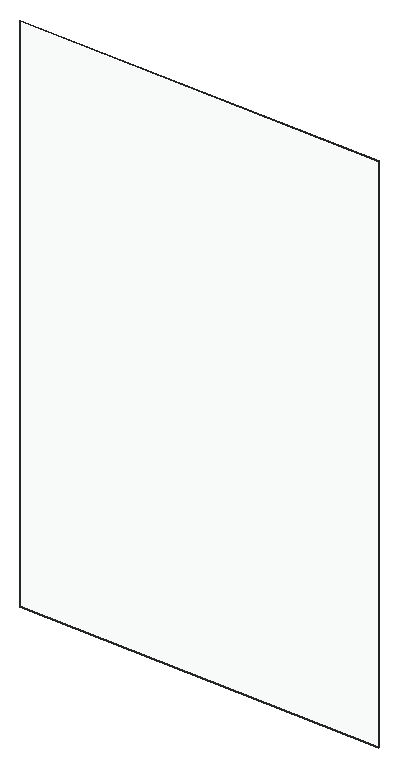
Revit family "Building-Materials_Glass-Glazing_Vitro-Architectural-Glass_Pacifica-Monolithic-Glass", category Curtain Panels, Revit 2026
Family settings
  Classification Number = 23.25.20.14.11.11.17
  Always vertical = Yes
  Cut with Voids When Loaded = No
  Shared = No
Parameters (values of type "Pacifica Monolithic")
  Visual Light Transmittance = 0.42  # constant formula
  UV Light Transmittance = 0.15
  URL = "https://www.vitroglazings.com/"
  U-Value Argon (Winter Night) = 0.0000 BTU/(h·ft²·°F)
  U-Value Argon (Summer Day) = 0.0000 BTU/(h·ft²·°F)
  U-Value Air (Winter Night) = 1.0200 BTU/(h·ft²·°F)
  U-Value Air (Summer Day) = 0.9200 BTU/(h·ft²·°F)
  Thickness = 0' - 0 1/4"
  Thermal Resistance (R) = 8.3333 (h·ft²·°F)/BTU  # constant formula
  Solar Light Transmittance = 0.27
  Solar Heat Gain Coefficient = 0.49  # constant formula
  Shadow Coefficient = 0.56
  Reflectance (Visible Interior) = 5
  Reflectance (Visible Exterior) = 5
  Product data url = "https://www.bimobject.com/vitroarchictecturalglass/product/pacifica-glass"
  Product Page URL = "https://www.vitroglazings.com/products/performance-tinted-glass/blue-green-tinted-glass/pacifica-glass/"
  Product Guid = "86e9f2c7-5d1a-49a3-9242-129e0006e508"
  Model = "Pacifica Monolithic"
  Manufacturer = "Vitro Architectural Glass "  # constant formula
  Light to Solar Gain = 0.86
  Keynote = "08900"
  ISO Damage Weighted Transmittance = 0.42
  Heat Transfer Coefficient (U) = 0.2900 BTU/(h·ft²·°F)  # constant formula
  Glass Material = Vitro Architectural-Glass - Pacifica
  Finish = "Glass"  # constant formula
  Description = "Rich-blue Pacifica® glass is part of Vitro Architectural Glass’s (formerly PPG Glass's) collection of nautically inspired tints and can be combined with reflective Solarcool® or subtly reflective color-enriched Vistacool® coatings."  # constant formula
  Define Thermal Properties by = Schematic Type
  Assembly Code = "B2020220"
  Analytic Construction = "Large single-glazed windows"
Reference planes (in)
  plane 1 "Front": y = 0
  plane 2: z = 0
  plane 3 "Center (Left/Right)": x = 0
  plane 4 "Left": x = -32.75106
  plane 5 "Right": x = 32.75106
  plane 6 "Top": z = 96
  plane 7: y = 0.125
  plane 8: y = -0.125
Forms (in)
  Extrusion 1, solid, material "Vitro Architectural-Glass - Pacifica" <- "Glass Material"
    sketch origin (0, 0.5, 0) x (1, 0, 0) y (0, 1, 0)
      loop
        line (-32.75106, -0.375) -> (-32.75106, -0.625) -> (32.75106, -0.625) -> (32.75106, -0.375) -> (-32.75106, -0.375)
    from 0 to 96
Text (in)
  text "Exterior" at (-54.29358, 31.38743, 0), in view "Ref. Level"
  text "Exterior" at (480, 41.53993, 89.60405), in view "Right"
  text "Exterior" at (-240, 57.82419, 105.78864), in view "Left"
Dimensions and locks (in)
  equal spacing: plane 4 "Left", plane 3 "Center (Left/Right)", plane 5 "Right"
  plane 7 to Extrusion 1 sketch curve = 0' - 0"
  equal spacing: plane 7, plane 1 "Front", plane 8
  "Thickness": plane 7 to plane 8
  aligned and locked: level to plane 2
  aligned and locked: Extrusion 1 sketch curve to plane 4 "Left"
  aligned and locked: plane 5 "Right" to Extrusion 1 sketch curve
  aligned and locked: Extrusion 1 to plane 6 "Top"
  aligned and locked: Extrusion 1 to level
  aligned and locked: plane 7 to Extrusion 1
  aligned and locked: Extrusion 1 to plane 8
Automatic sketch dimensions
  Extrusion 1 sketch curve to plane 7 = 0' - 0 1/4"
